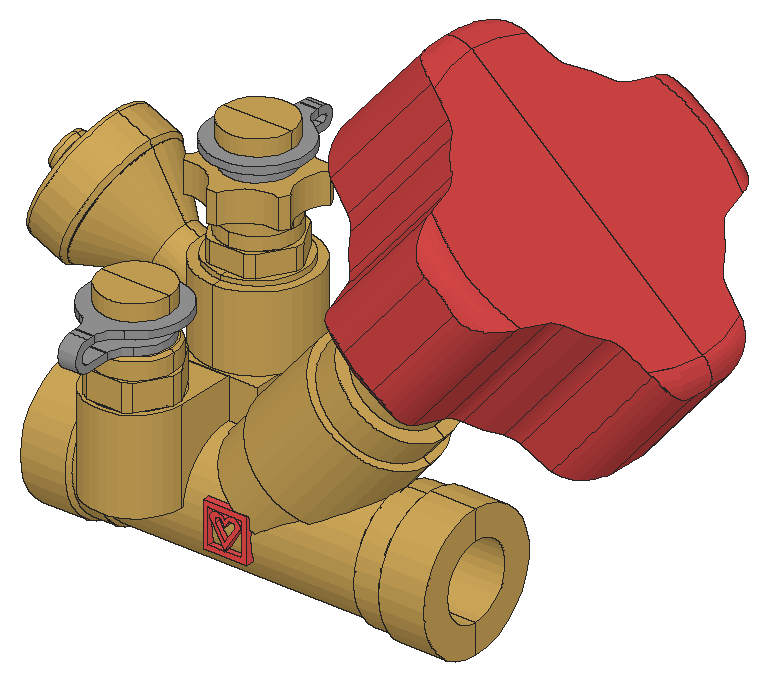
Revit family "HERZ Strömax Балансировочный клапан с измерительной диафрагмой 4017 ML (LF-MF)", category Rohrzubehör, Revit 2018
Family settings
  Bemaßung runder Anschluss = Durchmesser verwenden
  Teiletyp = Unterbricht
  OmniClass-Nummer = 23.65.55.14
  OmniClass-Titel = Valves for Liquid Services
  Arbeitsebenenbasiert = Nein
  Immer vertikal = Ja
  Beim Laden mit Abzugskörper schneiden = Nein
  Gemeinsam genutzt = Nein
Parameters (values of type "MF")
  Среда = "Качество теплоносителя должно соответствовать требованиям ONORM H 5195, VDI 2035.\r\nДопускается использование смеси этилен- пропиленгликоля в процентном соотношении 25-50% с водой."
  Область применения = "Балансировочные клапаны применяются для гидравлической балансировки систем отопления и охлаждения, регулировки магистральных трубопроводов, стояков, теплообменников, регистров отопления и охлаждения."
  Номер заказа [instance] = if(and(Nennweite = 15.000 mm, LF), 1401730, if(and(Nennweite = 15.000 mm, MF), 1401739, 0))  # 1401739
  Макс. рабочее давление = 2000000.0 Pa  # constant formula
  Макс. рабочая температура = 130 °C  # constant formula
  Макс. перепад давления на закрытом седле = 1000000.0 Pa  # constant formula
  Корпус = "латунь, устойчивая к селективной цинковой коррозии"  # constant formula
  Исполнение = "Балансировочный клапан ГЕРЦ 4017M с измерительной диафрагмой и двумя измерительными клапанами для измерений перепадов давления наклонный неподнимающийся шпиндель, муфта х муфта, без покрытия, фиксированная воспроизводимая предварительная настройка, показания преднастройки считываются в окошке маховика, с обеих сторон резьбовые муфты, уплотнение шпинделя при помощи тройных уплотнительных колец O-Ring."
  kvs-значения [instance] = if(and(Nennweite = 15.000 mm, LF), 0.46, if(and(Nennweite = 15.000 mm, MF), 0.88, 0))  # 0.88
  kv-диафрагмы [instance] = if(and(Nennweite = 15.000 mm, LF), 0.48, if(and(Nennweite = 15.000 mm, MF), 0.97, 0))  # 0.97
  W01 = 50.00°  # constant formula
  URL = "www.herz-armaturen.ru"
  SW01 = 60.00°  # constant formula
  SCRNSEQ = "ARM;ARM_TYP=\"STRV\";2"
  SCRNCODE = "05;07;02"  # constant formula
  S03 = 60.000 mm  # constant formula
  S02 [instance] = L04 + L06 + L07  # 76.800 mm
  S01 [instance] = D01 * 2  # 27.000 mm
  R03 = 21.500 mm  # constant formula
  R02 = 9.500 mm  # constant formula
  R01 = 12.000 mm  # constant formula
  MF = yes
  LF = no
  L10 [instance] = size_lookup("4017_ML_", "L10", 1.000 mm, Nennweite)  # 28.500 mm
  L09 [instance] = size_lookup("4017_ML_", "L9", 1.000 mm, Nennweite)  # 22.500 mm
  L08 [instance] = size_lookup("4017_ML_", "L8", 1.000 mm, Nennweite)  # 12.700 mm
  L07 [instance] = size_lookup("4017_ML_", "L7", 1.000 mm, Nennweite)  # 35.100 mm
  L06 [instance] = size_lookup("4017_ML_", "L6", 1.000 mm, Nennweite)  # 6.500 mm
  L05 [instance] = size_lookup("4017_ML_", "L5", 1.000 mm, Nennweite)  # 20.200 mm
  L04 [instance] = size_lookup("4017_ML_", "L4", 1.000 mm, Nennweite)  # 35.200 mm
  L03 [instance] = size_lookup("4017_ML_", "L3", 1.000 mm, Nennweite)  # 1.000 mm
  H03 [instance] = H01 - 19.000 mm  # 1.000 mm
  H02 = 13.000 mm  # constant formula
  E01 [instance] = L00 / -2  # -41.500 mm
  E00 = 0.000 mm  # constant formula
  D09 [instance] = size_lookup("4017_ML_", "D9", 1.000 mm, Nennweite)  # 11.750 mm
  D08 [instance] = size_lookup("4017_ML_", "D8", 1.000 mm, Nennweite)  # 9.500 mm
  D07 [instance] = size_lookup("4017_ML_", "D7", 1.000 mm, Nennweite)  # 12.000 mm
  D06 [instance] = size_lookup("4017_ML_", "D6", 1.000 mm, Nennweite)  # 13.500 mm
  D05 [instance] = size_lookup("4017_ML_", "D5", 1.000 mm, Nennweite)  # 12.500 mm
  D04 [instance] = Nennweite / 2  # 7.500 mm
  IG [instance] = Nennweite / 2  # 7.500 mm
  D03 [instance] = size_lookup("4017_ML_", "D3", 1.000 mm, Nennweite)  # 11.900 mm
  D02 [instance] = size_lookup("4017_ML_", "D2", 1.000 mm, Nennweite)  # 12.700 mm
  D01 [instance] = size_lookup("4017_ML_", "D1", 1.000 mm, Nennweite)  # 13.500 mm
  Nennweite [instance] = 15.000 mm  # constant formula
  L02 [instance] = size_lookup("4017_ML_", "L2", 1.000 mm, Nennweite)  # 5.000 mm
  L01 [instance] = size_lookup("4017_ML_", "L1", 1.000 mm, Nennweite)  # 9.250 mm
  L00 [instance] = size_lookup("4017_ML_", "L", 1.000 mm, Nennweite)  # 83.000 mm
  Hersteller = "HERZ Armaturen Ges.m.b.H."  # constant formula
  H01 [instance] = size_lookup("4017_ML_", "H1", 1.000 mm, Nennweite)  # 20.000 mm
  GT [instance] = size_lookup("4017_ML_", "GT", 1.000 mm, Nennweite)  # 13.200 mm
  DN50 [instance] = Nennweite = 50.000 mm  # no
  DN40 [instance] = Nennweite = 40.000 mm  # no
  DN32 [instance] = Nennweite = 32.000 mm  # no
  DN25 [instance] = Nennweite = 25.000 mm  # no
  DN20 [instance] = Nennweite = 20.000 mm  # no
  DN15 [instance] = Nennweite = 15.000 mm  # yes
Types (3, lengths in mm): name | Номер заказа | kvs-значения | kv-диафрагмы | MF | LF
  (no name) | 1401739 | 0.88 | 0.97 | yes | no
  LF | 1401730 | 0.46 | 0.48 | no | yes
  MF | 1401739 | 0.88 | 0.97 | yes | no
Reference planes
  plane 1 "Mitte (Vorne/hinten)": y = 0
  plane 2: z = 0
  plane 3 "Mitte (Links/rechts)": x = 0
Forms (mm)
  Revolve 1, solid, material "Messing, weicher Gelbton, geschweißt", detail levels fine
    sketch origin (470, 0, 0) x (1, 0, 0) y (0, 0, 1)
      loop
        line (-511.5, 7.5) -> (-498.3, 7.5) -> (-498.3, 0) -> (-441.7, 0) -> (-441.7, 7.5) -> (-428.5, 7.5) -> (-428.5, 13.5) -> (-437.75, 13.5) -> (-438.421, 12.7) -> (-443.421, 12.7) -> (-444.093, 11.9) -> (-495.907, 11.9) -> (-496.579, 12.7) -> (-501.579, 12.7) -> (-502.25, 13.5) -> (-511.5, 13.5) -> (-511.5, 7.5)
      axis (-511.5, 0) -> (-428.5, 0)
    angle from 0 to 360
  Revolve 2, solid, material "Messing, weicher Gelbton, geschweißt", detail levels fine
    sketch origin (0.32, 0, -0.105) x (1, 0, 0) y (0, 0, 1)
      loop
        line (-1.32, 0.105) -> (48.046, 58.937) -> (39.045, 66.49) -> (30.882, 56.761) -> (32.605, 55.315) -> (18.207, 38.155) -> (16.292, 39.762) -> (12.114, 34.783) -> (10.964, 35.747) -> (-2.02, 20.273) -> (-1.254, 19.63) -> (-7.652, 12.005) -> (-7.065, 4.926) -> (-1.32, 0.105)
      axis (-1.32, 0.105) -> (48.046, 58.937)
    angle from 0 to 360
  Extrusion 3, solid, material "Messing, weicher Gelbton, geschweißt", detail levels fine
    sketch origin (0, 0, 0) x (1, 0, 0) y (0, 1, 0)
      loop
        arc (-28.5, -12) -> (-19, -21.5) -> (-9.5, -12) r 9.5
        line (-9.5, -12) -> (-9.5, 0) -> (-28.5, 0) -> (-28.5, -12)
    from 1 <- "H03" to 20 <- "H01"
  Extrusion 4, solid, material "Messing, weicher Gelbton, geschweißt", detail levels fine
    sketch origin (0, 0, 0) x (1, 0, 0) y (0, 1, 0)
      loop
        line (-22.5, 12) -> (-22.5, 0) -> (-3.5, 0) -> (-3.5, 12)
        arc (-3.5, 12) -> (-13, 21.5) -> (-22.5, 12) r 9.5
    from 0 to 20 <- "H01"
  Extrusion 5, void
    sketch origin (0, 0, 0) x (1, 0, 0) y (0, 0, 1)
      loop
        line (55, 0) -> (80, 0) -> (80, 73) -> (55, 73) -> (55, 0)
    from 55 to -55
Cuts and joins
  Extrusion 5 cuts Revolve 2
Lines and regions (mm)
  model lines, detail levels coarse+medium
    curve 1: line (-41.5, 0, 13.5) -> (-41.5, 0, -13.5)
    curve 2: line (-41.5, 0, -13.5) -> (41.5, 0, 13.5)
    curve 3: line (41.5, 0, 13.5) -> (41.5, 0, -13.5)
    curve 4: line (41.5, 0, -13.5) -> (-41.5, 0, 13.5)
    curve 5: line (0, 0, 0) -> (38.4, 0, 66.511)
    curve 6: line (12.419, 0, 81.511) -> (64.381, 0, 51.511)
    curve 7: line (-41.5, -13.5, 0) -> (-41.5, 13.5, 0)
    curve 8: line (-41.5, 13.5, 0) -> (41.5, -13.5, 0)
    curve 9: line (41.5, -13.5, 0) -> (41.5, 13.5, 0)
    curve 10: line (41.5, 13.5, 0) -> (-41.5, -13.5, 0)
    curve 11: line (0, 0, 0) -> (38.4, 66.511, 0)
    curve 12: line (12.419, 81.511, 0) -> (64.381, 51.511, 0)
Dimensions and locks
  "L00": Revolve 1 sketch curve to Revolve 1 sketch curve
  equal spacing: Revolve 1 sketch curve, plane 3 "Mitte (Links/rechts)", Revolve 1 sketch curve
  "D01": Revolve 1 sketch curve to Revolve 1 sketch curve  (x2)
  "GT": Revolve 1 sketch curve to Revolve 1 sketch curve  (x2)
  "D06": Revolve 2 sketch curve to Revolve 2 sketch curve
  "D07": Revolve 2 sketch curve to Revolve 2 sketch curve
  "D08": Revolve 2 sketch curve to Revolve 2 sketch curve
  "D09": Revolve 2 sketch curve to Revolve 2 sketch curve
  equal spacing: curve 1, plane 3 "Mitte (Links/rechts)", curve 3
  "L00": curve 1 to curve 3
  equal spacing: curve 4, plane 2, curve 2
  "S01": curve 4 to curve 1
  "S01": curve 3 to curve 4
  equal spacing: curve 3, plane 2, curve 4
  "S02": curve 5 to curve 5
  equal spacing: curve 6, curve 5, curve 6
  "S03": curve 6 to curve 6
  equal spacing: curve 7, plane 3 "Mitte (Links/rechts)", curve 9
  "L00": curve 7 to curve 9
  equal spacing: curve 10, plane 1 "Mitte (Vorne/hinten)", curve 8
  "S01": curve 8 to curve 10
  equal spacing: curve 9, plane 1 "Mitte (Vorne/hinten)", curve 10
  "S01": curve 10 to curve 9
  "S02": curve 11 to curve 11
  equal spacing: curve 12, curve 11, curve 12
  "S03": curve 12 to curve 12
  "L01": Revolve 1 sketch curve to Revolve 1 sketch curve  (x2)
  "D02": Revolve 1 sketch curve to plane 2  (x2)
  "D03": Revolve 1 sketch curve to plane 2
  "IG": Revolve 1 sketch curve to plane 2  (x2)
  "L02": Revolve 1 sketch curve to Revolve 1 sketch curve  (x2)
  "L04": Revolve 2 sketch curve to Revolve 2 sketch curve
  "L05": Revolve 2 sketch curve to Revolve 2 sketch curve
  "D03": Revolve 2 sketch curve to plane 2
  "L06": Revolve 2 sketch curve to Revolve 2 sketch curve
  "L08": Revolve 2 sketch curve to Revolve 2 sketch curve
  "L07": Revolve 2 sketch curve to Revolve 2 sketch curve
  "D04": Revolve 2 sketch curve to Revolve 2 sketch curve
  "D05": Revolve 2 sketch curve to Revolve 2 sketch curve
  "L03": plane 3 "Mitte (Links/rechts)" to Revolve 2 sketch curve  (x2)
  "D03": nested 1 to plane 1 "Mitte (Vorne/hinten)"
  "L09": Revolve 1 to Extrusion 3 sketch curve
  "R01": Extrusion 3 sketch curve to plane 1 "Mitte (Vorne/hinten)"
  "R01": plane 1 "Mitte (Vorne/hinten)" to Extrusion 4 sketch curve
  "L10": Revolve 1 to Extrusion 4 sketch curve
  "H01": nested 2 to plane 2
  "R01": nested 2 to plane 1 "Mitte (Vorne/hinten)"
  "L09": Revolve 1 to nested 2
  Extrusion 5 sketch curve to plane 3 "Mitte (Links/rechts)" = 55.000 mm
  Extrusion 5 sketch curve to Extrusion 5 sketch curve = 25.000 mm
  Extrusion 5 sketch curve to plane 2 = 73.000 mm
  "L10": Revolve 1 to nested 4
  "R01": plane 1 "Mitte (Vorne/hinten)" to nested 4
  "H01": nested 4 to plane 2
  "R02": radius of Extrusion 3 sketch curve
  "R02": radius of Extrusion 4 sketch curve
  "W01": angle level to Revolve 2 sketch curve
  "SW01": angle plane 2 to curve 5
  "SW01": angle plane 1 "Mitte (Vorne/hinten)" to curve 11
  "W01": angle Revolve 1 sketch curve to Revolve 1 sketch curve  (x4)
  "W01": angle plane 2 to Revolve 2 sketch curve
  aligned and locked: level to plane 2
Automatic sketch dimensions
  Extrusion 5 sketch curve to level = 0.000 mm
  curve 5 to level = 0.000 mm
  plane 1 "Mitte (Vorne/hinten)" to curve 11 = 0.000 mm
  Revolve 1 sketch curve to level = 0.000 mm  (x2)
  Revolve 1 sketch curve to Revolve 1 sketch curve = 791.990 mm
  Revolve 1 sketch curve to Revolve 1 sketch curve = 2278.983 mm
  Revolve 2 sketch curve to level = 0.000 mm  (x2)
  plane 1 "Mitte (Vorne/hinten)" to Extrusion 3 sketch curve = 0.000 mm
  plane 1 "Mitte (Vorne/hinten)" to Extrusion 4 sketch curve = 0.000 mm
Nested families
  nested 1: "Herz-Logo-vorne" at (0, -11.9, 0) x (0, 1, 0) z (0, 0, 1), type "Herz-Logo-vorne", detail levels fine
  nested 2: "Messstutzen_Band_Eintritt_senkrecht_(oben)" at (-19, -12, 2.5) x (-1, 0, 0) z (0, 0, 1), type "Messstutzen_Band_Eintritt_senkrecht_(oben)", detail levels fine
    with Schutzkappe yes, Nennweite 0.000 mm, Gewicht 0.00 kg, Bestellnummer 0
  nested 3: "Strangregulierventil-Handrad (Rot) DN15-DN32" at (48.366, 0, 58.832), visible <- "DN15", type "Strangregulierventil-Handrad (Rot) DN15-DN32"
    with Nennweite 0.000 mm, Gewicht 0.00 kg, Bestellnummer 0
  nested 4: "Messstutzen_Band-KFE_Austritt_senkrecht_(oben)" at (-13, 12, 24.41), type "Messstutzen_Band-KFE_Austritt_senkrecht_(oben)", detail levels fine
    with Schutzkappe yes, Nennweite 0.000 mm, Gewicht 0.00 kg, Bestellnummer 0
Connectors
  piping at (-28.3, 0, 0), diameter 15, driven by "Nennweite"
    settings: on Revolve 1, index 1, connector inside diameter 609.6 mm, connector length 0.000 mm, flow factor 0, pipe flow 0.0 L/s, pressure drop 0.0 Pa, fitting loss kfactor 0, connector angle 0.00°, fixture units 0, engagement length 0.000 mm, angle of deflection 0.00°, flow configuration 0, flow direction 1, fitting loss method 0, system type 29, joint type 0, gender type 0, connector reference index -1, connector utility 0, adjustable connector no, is connector primary yes, connector description ""
  piping at (28.3, 0, 0), diameter 15, driven by "Nennweite"
    settings: on Revolve 1, index 2, connector inside diameter 609.6 mm, connector length 0.000 mm, flow factor 0, pipe flow 0.0 L/s, pressure drop 0.0 Pa, fitting loss kfactor 0, connector angle 0.00°, fixture units 0, engagement length 0.000 mm, angle of deflection 0.00°, flow configuration 0, flow direction 2, fitting loss method 0, system type 29, joint type 0, gender type 0, connector reference index -1, connector utility 0, adjustable connector no, is connector primary no, connector description ""
Definition of nested family "Herz-Logo-vorne"
  Reference planes
    plane 1 "Mitte (Vorne/hinten)": y = 0
    plane 2: z = 0
    plane 3 "Mitte (Links/rechts)": x = 0
  Forms (mm)
    Extrusion 1, solid
      sketch origin (0.732, -0.018, 0.017) x (0, -1, 0) y (0, 0, 1)
        loop
          line (-0.018, -4.517) -> (4.482, -4.517) -> (4.482, 4.483) -> (-4.518, 4.483) -> (-4.518, -4.517) -> (-0.018, -4.517)
        loop
          line (-0.05, -3.48) -> (3.482, -3.48) -> (3.482, 3.483) -> (-3.518, 3.483) -> (-3.518, -3.48) -> (-0.05, -3.48)
        loop
          arc (-0.018, 2.383) -> (-1.543, 3.287) -> (-3.067, 2.383) r 1.738
          arc (-3.067, 2.383) -> (-3.191, 1.899) -> (-3.067, 1.415) r 1.009
          line (-3.067, 1.415) -> (-0.018, -3.281) -> (3.032, 1.415)
          arc (3.032, 1.415) -> (3.156, 1.899) -> (3.032, 2.383) r 1.009
          arc (3.032, 2.383) -> (1.507, 3.287) -> (-0.018, 2.383) r 1.738
        loop
          arc (1.885, 1.272) -> (2.005, 1.675) -> (1.885, 2.079) r 0.74
          arc (1.885, 2.079) -> (1.265, 2.416) -> (0.644, 2.079) r 0.74
          line (0.644, 2.079) -> (-0.018, 0.97) -> (-0.679, 2.079)
          arc (-0.679, 2.079) -> (-1.3, 2.416) -> (-1.921, 2.079) r 0.74
          arc (-1.921, 2.079) -> (-2.04, 1.675) -> (-1.921, 1.272) r 0.74
          line (-1.921, 1.272) -> (-0.018, -1.658) -> (1.885, 1.272)
      from 0 to 1.5
  Dimensions and locks
    aligned and locked: level to plane 2
Definition of nested family "Messstutzen_Band_Eintritt_senkrecht_(oben)"
  Parameters (values of type "Messstutzen_Band_Eintritt_senkrecht_(oben)")
    URL = "www.herz-armaturen.at"
    Schutzkappe [instance] = yes
    Nennweite [instance] = 0.000 mm
    Manufacturer = "Herz Armaturen GmbH"  # constant formula
    Gewicht [instance] = 0.00 kg
    Bestellnummer [instance] = 0
  Reference planes
    plane 1 "Mitte (Vorne/hinten)": y = 0
    plane 2: z = 0
    plane 3 "Mitte (Links/rechts)": x = 0
    plane 4 "Schlaufe 1": z = -27
    plane 5 "Schlaufe 2": z = -31.678
  Forms (mm)
    Revolve 1, solid, detail levels fine
      sketch origin (0, 0, 0) x (1, 0, 0) y (0, 0, 1)
        loop
          line (-7.4, 9) -> (-5.55, 9) -> (-5.55, 6)
          arc (-5.55, 6) -> (-5.626, 5.617) -> (-5.843, 5.293) r 1
          line (-5.843, 5.293) -> (-6.455, 4.681) -> (-6.455, 0.9) -> (-5.555, 0) -> (-2, 0) -> (-2, 17.5) -> (-8.4, 17.5)
          arc (-8.4, 17.5) -> (-7.693, 17.207) -> (-7.4, 16.5) r 1
          line (-7.4, 16.5) -> (-7.4, 9)
        loop
          line (-3.7, 27) -> (-7.3, 27) -> (-7.9, 26.4) -> (-7.9, 23) -> (-2, 23) -> (-2, 35.8) -> (-3.805, 35.8) -> (-4.415, 35.19) -> (-4.415, 30.863) -> (-3.7, 30.45) -> (-3.7, 27)
        axis (0, 0) -> (0, 35.8)
      angle from 0 to 360
    Extrusion 2, solid, detail levels fine
      sketch origin (0, 0, 17.5) x (0, 1, 0) y (-1, 0, 0)
        loop
          arc (-7.07, 5.156) -> (-7.578, 4.375) -> (-8, 3.544) r 8.75
          line (-8, 3.544) -> (-8, -3.544)
          arc (-8, -3.544) -> (-7.578, -4.375) -> (-7.07, -5.156) r 8.75
          line (-7.07, -5.156) -> (-0.93, -8.7)
          arc (-0.93, -8.7) -> (0, -8.75) -> (0.93, -8.7) r 8.75
          line (0.93, -8.7) -> (7.07, -5.156)
          arc (7.07, -5.156) -> (7.578, -4.375) -> (8, -3.544) r 8.75
          line (8, -3.544) -> (8, 3.544)
          arc (8, 3.544) -> (7.578, 4.375) -> (7.07, 5.156) r 8.75
          line (7.07, 5.156) -> (0.93, 8.7)
          arc (0.93, 8.7) -> (0, 8.75) -> (-0.93, 8.7) r 8.75
          line (-0.93, 8.7) -> (-7.07, 5.156)
      from 0 to 5.5
    Revolve 3, solid, visible <- "Schutzkappe", detail levels fine
      sketch origin (0, 0, 0) x (1, 0, 0) y (0, 0, 1)
        loop
          line (0, 35.878) -> (0, 36.678) -> (-7, 36.678) -> (-7, 33.378) -> (-6.1, 33.378) -> (-6.1, 31.678) -> (-6.9, 31.678) -> (-6.9, 30.178) -> (-4.415, 30.178) -> (-4.415, 35.268) -> (-3.805, 35.878) -> (0, 35.878)
        axis (0, 30.178) -> (0, 36.678)
      angle from 0 to 360
    Extrusion 4, solid, detail levels fine
      sketch origin (0, 0, 28.5) x (1, 0, 0) y (0, 1, 0)
        loop
          circle (0, 0) r 3.7
        loop
          arc (-3.906, 5.505) -> (0, -6.75) -> (3.906, 5.505) r 6.75
          arc (3.906, 5.505) -> (2.358, 7.288) -> (1.8, 9.582) r 5
          line (1.8, 9.582) -> (-1.8, 9.582)
          arc (-1.8, 9.582) -> (-2.358, 7.288) -> (-3.906, 5.505) r 5
      from 0 to -1.5
    Extrusion 5, solid, detail levels fine
      sketch origin (0, 0, 33.178) x (1, 0, 0) y (0, 1, 0)
        loop
          circle (0, 0) r 6.1
        loop
          arc (-4.495, 8.652) -> (0, -9.75) -> (4.495, 8.652) r 9.75
          arc (4.495, 8.652) -> (2.527, 10.493) -> (1.8, 13.089) r 5
          line (1.8, 13.089) -> (-1.8, 13.089)
          arc (-1.8, 13.089) -> (-2.527, 10.493) -> (-4.495, 8.652) r 5
      from 0 to -1.5
    Sweep 6, solid, detail levels fine
      path origin (0, 0, 0) x (0, 0, -1) y (0, -1, 0)
        loop
          line (-27.75, -9.582) -> (-27.75, -14.522)
          arc (-27.75, -14.522) -> (-30.089, -16.862) -> (-32.428, -14.522) r 2.339
          line (-32.428, -14.522) -> (-32.428, -13.089)
      profile origin (0, 12.052, 27.75) x (0, 0, 1) y (1, 0, 0)
        loop
          line (-0.75, -1.8) -> (0.75, -1.8) -> (0.75, 1.8) -> (-0.75, 1.8) -> (-0.75, -1.8)
  Dimensions and locks
    aligned and locked: level to plane 2
Definition of nested family "Strangregulierventil-Handrad (Rot) DN15-DN32"
  Parameters (values of type "Strangregulierventil-Handrad (Rot) DN15-DN32")
    URL = "www.herz-armaturen.at"
    Nennweite [instance] = 0.000 mm
    Manufacturer = "Herz Armaturen GmbH"  # constant formula
    Gewicht [instance] = 0.00 kg
    Bestellnummer [instance] = 0
  Reference planes
    plane 1 "Mitte (Vorne/hinten)": y = 0
    plane 2: z = 0
    plane 3 "Mitte (Links/rechts)": x = 0
  Forms (mm)
    Revolve 1, solid, detail levels fine
      sketch origin (0, 0, 0) x (0.766044, 0, -0.642788) y (0.642788, 0, 0.766044)
        loop
          line (0, 0) -> (0, 24.95) -> (-30.992, 24.95)
          arc (-30.992, 24.95) -> (-34.37, 23.636) -> (-35.973, 20.386) r 5
          line (-35.973, 20.386) -> (-37, 8.65) -> (-35.986, -2.936)
          arc (-35.986, -2.936) -> (-34.383, -6.186) -> (-31.005, -7.5) r 5
          line (-31.005, -7.5) -> (-15, -7.5) -> (-15, 0) -> (0, 0)
        axis (0, 24.95) -> (0, -7.5)
      angle from 0 to 360
    Extrusion 2, void
      sketch origin (13.049, 0, 15.551) x (0.766044, 0, -0.642788) y (0, 1, 0)
        loop
          line (3.861, 35.5) -> (-3.861, 35.5)
          arc (-3.861, 35.5) -> (-8.731, 33.847) -> (-11.589, 29.571) r 8
          line (-11.589, 29.571) -> (-13.284, 23.245)
          arc (-13.284, 23.245) -> (-13.982, 21.722) -> (-15.144, 20.516) r 5
          arc (-15.144, 20.516) -> (-18.031, 18.031) -> (-20.516, 15.144) r 25.5
          arc (-20.516, 15.144) -> (-21.722, 13.982) -> (-23.245, 13.284) r 5
          line (-23.245, 13.284) -> (-29.571, 11.589)
          arc (-29.571, 11.589) -> (-33.847, 8.731) -> (-35.5, 3.861) r 8
          line (-35.5, 3.861) -> (-35.5, -3.861)
          arc (-35.5, -3.861) -> (-33.847, -8.731) -> (-29.571, -11.589) r 8
          line (-29.571, -11.589) -> (-23.245, -13.284)
          arc (-23.245, -13.284) -> (-21.722, -13.982) -> (-20.516, -15.144) r 5
          arc (-20.516, -15.144) -> (-18.031, -18.031) -> (-15.144, -20.516) r 25.5
          arc (-15.144, -20.516) -> (-13.982, -21.722) -> (-13.284, -23.245) r 5
          line (-13.284, -23.245) -> (-11.589, -29.571)
          arc (-11.589, -29.571) -> (-8.731, -33.847) -> (-3.861, -35.5) r 8
          line (-3.861, -35.5) -> (3.861, -35.5)
          arc (3.861, -35.5) -> (8.731, -33.847) -> (11.589, -29.571) r 8
          line (11.589, -29.571) -> (13.284, -23.245)
          arc (13.284, -23.245) -> (13.982, -21.722) -> (15.144, -20.516) r 5
          arc (15.144, -20.516) -> (18.031, -18.031) -> (20.516, -15.144) r 25.5
          arc (20.516, -15.144) -> (21.722, -13.982) -> (23.245, -13.284) r 5
          line (23.245, -13.284) -> (29.571, -11.589)
          arc (29.571, -11.589) -> (33.847, -8.731) -> (35.5, -3.861) r 8
          line (35.5, -3.861) -> (35.5, 3.861)
          arc (35.5, 3.861) -> (33.847, 8.731) -> (29.571, 11.589) r 8
          line (29.571, 11.589) -> (23.245, 13.284)
          arc (23.245, 13.284) -> (21.722, 13.982) -> (20.516, 15.144) r 5
          arc (20.516, 15.144) -> (18.031, 18.031) -> (15.144, 20.516) r 25.5
          arc (15.144, 20.516) -> (13.982, 21.722) -> (13.284, 23.245) r 5
          line (13.284, 23.245) -> (11.589, 29.571)
          arc (11.589, 29.571) -> (8.731, 33.847) -> (3.861, 35.5) r 8
        loop
          circle (0, 0) r 38
      from -31.266 to 7.923
  Cuts and joins
    Extrusion 2 cuts Revolve 1
  Dimensions and locks
    Revolve 1 sketch curve to Revolve 1 sketch curve = 15.000 mm
    Revolve 1 sketch curve to Revolve 1 sketch curve = 16.150 mm
    Revolve 1 sketch curve to Revolve 1 sketch curve = 16.300 mm
    angle Revolve 1 sketch curve to Revolve 1 sketch curve = 95.00°
    aligned and locked: level to plane 2
Definition of nested family "Messstutzen_Band-KFE_Austritt_senkrecht_(oben)"
  Parameters (values of type "Messstutzen_Band-KFE_Austritt_senkrecht_(oben)")
    URL = "www.herz-armaturen.at"
    Schutzkappe [instance] = yes
    Nennweite [instance] = 0.000 mm
    Manufacturer = "Herz Armaturen GmbH"  # constant formula
    Gewicht [instance] = 0.00 kg
    Bestellnummer [instance] = 0
  Reference planes
    plane 1 "Mitte (Vorne/hinten)": y = 0
    plane 2: z = 0
    plane 3 "Mitte (Links/rechts)": x = 0
  Forms (mm)
    Revolve 1, solid, detail levels fine
      sketch origin (0, 0, 0) x (1, 0, 0) y (0, 0, 1)
        loop
          line (-7.4, 9) -> (-5.55, 9) -> (-5.55, 6)
          arc (-5.55, 6) -> (-5.626, 5.617) -> (-5.843, 5.293) r 1
          line (-5.843, 5.293) -> (-6.455, 4.681) -> (-6.455, 0.9) -> (-5.555, 0) -> (-2, 0) -> (-2, 23) -> (-2, 35.8) -> (-3.805, 35.8) -> (-4.415, 35.19) -> (-4.415, 30.863) -> (-3.7, 30.45) -> (-3.7, 27) -> (-7.4, 27) -> (-7.4, 9)
        axis (0, 0) -> (0, 35.8)
      angle from 0 to 360
    Extrusion 2, solid, detail levels fine
      sketch origin (0, 0, 17.5) x (0, 1, 0) y (-1, 0, 0)
        loop
          arc (-7.07, 5.156) -> (-7.578, 4.375) -> (-8, 3.544) r 8.75
          line (-8, 3.544) -> (-8, -3.544)
          arc (-8, -3.544) -> (-7.578, -4.375) -> (-7.07, -5.156) r 8.75
          line (-7.07, -5.156) -> (-0.93, -8.7)
          arc (-0.93, -8.7) -> (0, -8.75) -> (0.93, -8.7) r 8.75
          line (0.93, -8.7) -> (7.07, -5.156)
          arc (7.07, -5.156) -> (7.578, -4.375) -> (8, -3.544) r 8.75
          line (8, -3.544) -> (8, 3.544)
          arc (8, 3.544) -> (7.578, 4.375) -> (7.07, 5.156) r 8.75
          line (7.07, 5.156) -> (0.93, 8.7)
          arc (0.93, 8.7) -> (0, 8.75) -> (-0.93, 8.7) r 8.75
          line (-0.93, 8.7) -> (-7.07, 5.156)
      from -5.51 to -1.21
    Revolve 3, solid, visible <- "Schutzkappe", detail levels fine
      sketch origin (0, 0, 0) x (1, 0, 0) y (0, 0, 1)
        loop
          line (0, 35.878) -> (0, 36.678) -> (-7, 36.678) -> (-7, 33.378) -> (-6.1, 33.378) -> (-6.1, 31.678) -> (-6.9, 31.678) -> (-6.9, 30.178) -> (-4.415, 30.178) -> (-4.415, 35.268) -> (-3.805, 35.878) -> (0, 35.878)
        axis (0, 30.178) -> (0, 36.678)
      angle from 0 to 360
    Extrusion 4, solid, detail levels fine
      sketch origin (0, 0, 30) x (1, 0, 0) y (0, 1, 0)
        loop
          circle (0, 0) r 3.7
        loop
          arc (-3.906, 5.505) -> (0, -6.75) -> (3.906, 5.505) r 6.75
          arc (3.906, 5.505) -> (2.358, 7.288) -> (1.8, 9.582) r 5
          line (1.8, 9.582) -> (-1.8, 9.582)
          arc (-1.8, 9.582) -> (-2.358, 7.288) -> (-3.906, 5.505) r 5
      from 0 to -1.5
    Extrusion 5, solid, detail levels fine
      sketch origin (0, 0, 33.178) x (1, 0, 0) y (0, 1, 0)
        loop
          circle (0, 0) r 6.1
        loop
          arc (-4.495, 8.652) -> (0, -9.75) -> (4.495, 8.652) r 9.75
          arc (4.495, 8.652) -> (2.527, 10.493) -> (1.8, 13.089) r 5
          line (1.8, 13.089) -> (-1.8, 13.089)
          arc (-1.8, 13.089) -> (-2.527, 10.493) -> (-4.495, 8.652) r 5
      from 0 to -1.5
    Sweep 6, solid, detail levels fine
      path origin (0, 0, 0) x (0, 0, -1) y (0, -1, 0)
        loop
          line (-29.25, -9.582) -> (-29.25, -14.522)
          arc (-29.25, -14.522) -> (-30.839, -16.112) -> (-32.428, -14.522) r 1.589
          line (-32.428, -14.522) -> (-32.428, -13.089)
      profile origin (0, 12.052, 29.25) x (0, 0, 1) y (1, 0, 0)
        loop
          line (-0.75, -1.8) -> (0.75, -1.8) -> (0.75, 1.8) -> (-0.75, 1.8) -> (-0.75, -1.8)
    Extrusion 7, solid, detail levels fine
      sketch origin (-101.196, 0, 0) x (1, 0, 0) y (0, 1, 0)
        loop
          arc (112.053, 5.113) -> (111.589, 6) -> (111.053, 6.845) r 12
          arc (111.053, 6.845) -> (105.696, 7.794) -> (102.196, 11.958) r 7.971
          arc (102.196, 11.958) -> (101.196, 12) -> (100.196, 11.958) r 12
          arc (100.196, 11.958) -> (96.696, 7.794) -> (91.34, 6.845) r 7.971
          arc (91.34, 6.845) -> (90.804, 6) -> (90.34, 5.113) r 12
          arc (90.34, 5.113) -> (92.196, 0) -> (90.34, -5.113) r 7.971
          arc (90.34, -5.113) -> (90.804, -6) -> (91.34, -6.845) r 12
          arc (91.34, -6.845) -> (96.696, -7.794) -> (100.196, -11.958) r 7.971
          arc (100.196, -11.958) -> (101.196, -12) -> (102.196, -11.958) r 12
          arc (102.196, -11.958) -> (105.696, -7.794) -> (111.053, -6.845) r 7.971
          arc (111.053, -6.845) -> (111.589, -6) -> (112.053, -5.113) r 12
          arc (112.053, -5.113) -> (110.196, 0) -> (112.053, 5.113) r 7.971
      from 22.3 to 28.5
    Revolve 8, solid, detail levels fine
      sketch origin (0, 43.374, -20) x (0, 1, 0) y (0, 0, 1)
        loop
          line (-43.374, 0) -> (-37.874, 0) -> (-36.774, 1.1) -> (-36.774, 4.9) -> (-37.874, 6) -> (-37.874, 8.4) -> (-36.424, 8.4) -> (-36.424, 9.2) -> (-34.424, 9.2) -> (-34.424, 15.59) -> (-31.874, 15.59) -> (-31.874, 30.99) -> (-33.874, 30.99) -> (-33.874, 31.99) -> (-43.374, 31.99) -> (-43.374, 0)
        loop
          line (-43.374, 39) -> (-43.374, 36.29) -> (-35.874, 36.29) -> (-35.874, 39) -> (-43.374, 39)
        axis (-43.374, 39) -> (-43.374, 0)
      angle from 0 to 360
    Revolve 9, solid, detail levels fine
      sketch origin (0, 0, 0) x (-1, 0, 0) y (0, 0, 1)
        loop
          line (0, -1.01) -> (32.627, 14.204) -> (27.556, 25.08) -> (25.934, 25.67) -> (21.602, 23.65) -> (14.873, 11.994) -> (-2.324, 3.975) -> (0, -1.01)
        axis (32.627, 14.204) -> (0, -1.01)
      angle from 0 to 360
    Revolve 10, solid, detail levels fine
      sketch origin (-51.188, 0, -39.797) x (-0.422618, 0, -0.906308) y (-0.906308, 0, 0.422618)
        loop
          line (-56.786, 8) -> (-45.747, 8) -> (-45.747, 0) -> (-43.834, 0) -> (-42.786, 1.048) -> (-42.786, 8.048)
          arc (-42.786, 8.048) -> (-43.065, 8.721) -> (-43.738, 9) r 0.952
          line (-43.738, 9) -> (-52.974, 9)
          arc (-52.974, 9) -> (-53.548, 9.238) -> (-53.786, 9.812) r 0.812
          line (-53.786, 9.812) -> (-53.786, 12) -> (-52.786, 12) -> (-52.786, 13.03)
          arc (-52.786, 13.03) -> (-53.07, 13.716) -> (-53.756, 14) r 0.97
          line (-53.756, 14) -> (-56.786, 14) -> (-56.786, 8)
        axis (-56.786, 14) -> (-56.786, 0)
      angle from 0 to 360
  Dimensions and locks
    aligned and locked: level to plane 2
